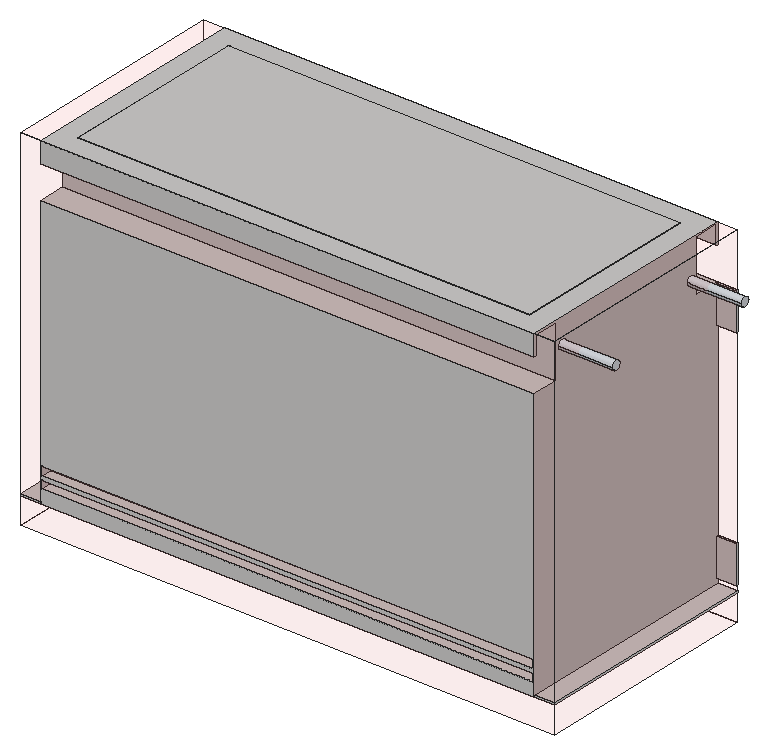
Revit family "Air-Curtain_Industrial_PoweredAire_HotWater", category Mechanical Equipment, host Face, Revit 2023
Family settings
  Host = Face
  Round Connector Dimension = Use Diameter
  Part Type = Normal
  OmniClass Number = 23.75.35.17.21
  OmniClass Title = Air Curtains
  Cut with Voids When Loaded = No
  Maintain Annotation Orientation = No
  Shared = No
  Room Calculation Point = No
Parameters
  upperrotation [instance] = if(Upper Pipe Connection Side A, 0.00°, 180.00°)  # 0.00°
  topbracket [instance] = and(Unit Height = 1' 4 3/4", Unit Depth = 1' 11 3/4")  # yes
  lowerrotation [instance] = if(Lower Pipe Connection Side A, 0.00°, 180.00°)  # 0.00°
  locateupperpipe [instance] = if(Upper Pipe Connection Side A, 0' 0", Nozzle Width)  # 0' - 0"
  locatelowerpipe [instance] = if(Lower Pipe Connection Side A, 0' 0", Nozzle Width)  # 0' - 0"
  Warranty Duration (Years) = 0
  Upper Pipe Connection Side A [instance] = yes
  Unit Width Notes = "Other Widths available."  # constant formula
  Unit Width = 3' - 3"
  Unit Weight = 0
  Unit Height = 1' - 4 3/4"
  Unit Depth = 1' - 11 3/4"
  URL = "http://www.poweredaire.com/"
  Test Data = ""
  Standards Conformance = "as Specified"
  Specification = "http://www.arcat.com/sdspecs/htm04/23_34_33pai.htm"
  SpecWizard = ""
  Sound Pressure = "as Specified"
  Sales Information = "http://www.poweredaire.com/contact_us"
  Revision = "R1_2016-08"
  Projection from Host [instance] = 0' - 2"
  Product Properties = ""
  Product Data = "http://www.arcat.com/arcatcos/cos47/arc47623.html"
  Power Rating = 0 W
  Piping_Water Flow [instance] = 0 GPM
  Piping_Operating Pressure [instance] = 0.00 psi
  Piping_Exit Temperature [instance] = 0 °F
  Piping_Entry Temperature [instance] = 0 °F
  Pipe OD [instance] = 5/8"
  Nozzle Width = if(1 = 1, Unit Width - 0' 3", 0' 0")  # 3' - 0"
  Mounting Width = if(1 = 1, Unit Width - 0' 1 1/2", 0' 0")  # 3' - 1 1/2"
  Mounting Height [instance] = 3' - 6"
  Motor RPM = 0
  Motor HP = 0
  Motor Count = 0
  Model = "As Specified"
  Max Height = 0' - 0"
  Manufacturer Website = "http://www.poweredaire.com/"
  Manufacturer Phone - Toll Free = "888-321-2473"
  Manufacturer Phone = "724-588-3305"
  Manufacturer Fax = "724-588-3371"
  Manufacturer Address = "109 Mortensen Rd.  Greenville, PA 16125"
  Manufacturer = "Powered Aire, Inc"
  Maintenance Schedule (Months) = 0
  Lower Pipe Connection Side A [instance] = yes
  Keynote = "23 34 33"
  Installation-Fabrication = ""
  Installation Phase = ""
  Include Clearance [instance] = yes
  Heating Element Load = 0 W
  HVAC_Temperature Rise = 0 °F
  HVAC_Outlet Volume = 0 CFM
  HVAC_Outlet Velocity Uniformity = 0
  HVAC_Outlet Velocity = 0 FPM
  HVAC_BTU Input = 0.0 Btu/h
  Green Building-LEED = "http://www.arcat.com/green/clients/leed_data_47623.html"
  Front Grating Material [instance] = Metal - Steel - PoweredAire - Stainless 304 Perforated
  Frame Finish [instance] = Metal - Steel - PoweredAire - Stainless 304
  Expected Lifespan (Years) = 0
  Electrical_Wattage [instance] = Power Rating + Heating Element Load  # 0 W
  Electrical_Voltage [instance] = 0 V
  Electrical_Phase [instance] = 1
  Electrical_Frequency [instance] = 0 Hz
  Electrical_Amperage [instance] = 0 A
  Drawn By = "Sumex Design, Inc. / Robert S. Weygant, CSI, CDT, SCIP"
  Description = "Powered Aire Air Curtain as Specified"
  Default Elevation = 0' - 0"  # constant formula
  Copyright = "©Arcat Inc."
  Construction Details = "http://www.arcat.com/details/powair/prod3336.html"
  Clearance_Top [instance] = 0' - 0"
  Clearance_Side B [instance] = 0' - 0"
  Clearance_Side A [instance] = 0' - 0"
  Clearance_Intake [instance] = 0' - 0"
  Clearance_Bottom [instance] = 0' - 0"
  Clearance Material [instance] = ARCAT Clearance
  Building Codes = ""
  Available Options [instance] = "as Specified"
  Assembly Code = "D3090400"
Reference planes (in)
  plane 1 "Center (Elevation)": y = 0.13818
  plane 2: z = 0
  plane 3 "Center (Left/Right)": x = 0
  plane 4: y = 8.51318
  plane 5: y = -8.23682
  plane 6: x = -19.5
  plane 7: x = 19.5
  plane 8: z = 25.75
  plane 9 "FF": y = -41.86182
  plane 10: z = 2
  plane 11: x = 18
  plane 12: x = -18
  plane 13: y = 8.51318
  plane 14: y = -8.23682
  plane 15: x = -19.5
  plane 16: x = 19.5
  plane 17: z = 25.75
  plane 18: x = 17.9375
  plane 19: x = -17.9375
  plane 20: x = 18
  plane 21: x = 18
  plane 22: y = 6.01318
  plane 23: y = -5.73682
Forms (in)
  Extrusion 1, solid, material "Metal - Steel - PoweredAire - Stainless 304" <- "Frame Finish"
    sketch origin (0, 0, 0) x (0, 1, 0) y (0, 0, 1)
      loop
        line (-8.23682, 2) -> (8.51318, 2) -> (8.51318, 21.8125) -> (6.51318, 21.8125) -> (6.51318, 25.625) -> (8.38818, 25.625) -> (8.38818, 24.25) -> (8.51318, 24.25) -> (8.51318, 25.75) -> (-8.23682, 25.75) -> (-8.23682, 24.25) -> (-8.11182, 24.25) -> (-8.11182, 25.625) -> (-6.23682, 25.625) -> (-6.23682, 21.8125) -> (-8.23682, 21.8125) -> (-8.23682, 2)
    from -18 to 18
  Extrusion 2, solid, material "ARCAT Clearance" <- "Clearance Material", visible <- "Include Clearance"
    sketch origin (0, 0, 0) x (0, 1, 0) y (0, 0, 1)
      loop
        line (-8.23682, 25.75) -> (-8.23682, 0) -> (8.51318, 0) -> (8.51318, 25.75) -> (-8.23682, 25.75)
    from -19.5 to 19.5
  Extrusion 3, solid, material "Metal - Steel - PoweredAire - Stainless 304" <- "Frame Finish"
    sketch origin (-15.17702, -180, 2) x (-1, 0, 0) y (0, -1, 0)
      loop
        line (-33.17702, -188.51318) -> (-33.17702, -171.76318) -> (-34.67702, -171.76318) -> (-34.67702, -188.51318) -> (-33.17702, -188.51318)
      loop
        line (2.82298, -188.51318) -> (4.32298, -188.51318) -> (4.32298, -171.76318) -> (2.82298, -171.76318) -> (2.82298, -188.51318)
    from 0 to 0.125
  Extrusion 4, solid, material "Metal - Steel - PoweredAire - Stainless 304" <- "Frame Finish", visible <- "topbracket"
    sketch origin (-11.83813, 8.51318, 48) x (-1, 0, 0) y (0, 0, 1)
      loop
        line (-29.83813, -45.5) -> (-29.83813, -42.75) -> (-31.33813, -42.75) -> (-31.33813, -45.5) -> (-29.83813, -45.5)
      loop
        line (-29.83813, -28.9375) -> (-29.83813, -26.1875) -> (-31.33813, -26.1875) -> (-31.33813, -28.9375) -> (-29.83813, -28.9375)
      loop
        line (6.16187, -45.5) -> (7.66187, -45.5) -> (7.66187, -42.75) -> (6.16187, -42.75) -> (6.16187, -45.5)
      loop
        line (6.16187, -28.9375) -> (7.66187, -28.9375) -> (7.66187, -26.1875) -> (6.16187, -26.1875) -> (6.16187, -28.9375)
    from 0 to -0.125
  Extrusion 5, void
    sketch origin (0, 0, 0) x (0, 1, 0) y (0, 0, 1)
      loop
        line (-8.23682, 3) -> (-7.23682, 3) -> (-7.23682, 4.5) -> (-8.23682, 4.5) -> (-8.23682, 3.82425) -> (-7.38364, 3.82425) -> (-7.38364, 3.57425) -> (-8.23682, 3.57425) -> (-8.23682, 3)
    from -17.9375 to 17.9375
  Extrusion 6, solid, material "Metal - Steel - PoweredAire - Stainless 304 Perforated" <- "Front Grating Material"
    sketch origin (0, -8.23682, 25.75) x (0, 1, 0) y (-1, 0, 0)
      loop
        line (15.25, 16.5) -> (1.5, 16.5) -> (1.5, -16.5) -> (15.25, -16.5) -> (15.25, 16.5)
    from 0 to 0.03125
  Sweep 7, solid
    path origin (18, 6.01318, 0) x (1, 0, 0) y (0, 1, 0)
      loop
        line (0, 0) -> (4, 0)
    profile origin (20, 6.01318, 0) x (0, 1, 0) y (0, 0, 1)
      loop
        circle (0, 23) r 0.3125
  Sweep 8, solid
    path origin (18, -5.73682, 0) x (1, 0, 0) y (0, 1, 0)
      loop
        line (0, 0) -> (4, 0)
    profile origin (20, -5.73682, 0) x (0, 1, 0) y (0, 0, 1)
      loop
        circle (0, 24) r 0.3125
Cuts and joins
  Extrusion 5 cuts Extrusion 1
Lines and regions (in)
  reference lines
    curve 1: line (18, 6.01318, 0) -> (22.75, 6.01318, 0)
    curve 2: line (18, -5.73682, 0) -> (23.75, -5.73682, 0)
Dimensions and locks (in)
  equal spacing: plane 4, plane 1 "Center (Elevation)", plane 5
  "Unit Height": plane 4 to plane 5
  equal spacing: plane 6, plane 3 "Center (Left/Right)", plane 7
  "Unit Width": plane 6 to plane 7
  "Mounting Height": plane 1 "Center (Elevation)" to plane 9 "FF"
  "Projection from Host": plane 10 to level
  "Unit Depth": plane 8 to plane 10
  locked: plane 6 to plane 12 at 1.5
  locked: plane 11 to plane 7 at 1.5
  "Clearance_Side A": plane 7 to plane 16
  "Clearance_Side B": plane 15 to plane 6
  "Clearance_Top": plane 13 to plane 4
  "Clearance_Bottom": plane 5 to plane 14
  "Clearance_Intake": plane 17 to plane 8
  plane 5 to Extrusion 1 sketch curve to Extrusion 1 sketch curve = 0' - 0 1/8" locked, 0' - 1 7/8" locked
  Extrusion 1 sketch curve to Extrusion 1 sketch curve to plane 4 = 0' - 1 7/8" locked, 0' - 0 1/8" locked
  Extrusion 4 sketch curve to Extrusion 4 sketch curve to Extrusion 4 sketch curve to Extrusion 4 sketch curve to plane 10 = 0' - 2 3/4" locked, 1' - 1 13/16" locked, 0' - 2 3/4" locked, 0' - 0 1/2" locked
  Extrusion 4 sketch curve to Extrusion 4 sketch curve to Extrusion 4 sketch curve to Extrusion 4 sketch curve = 0' - 2 3/4" locked, 1' - 1 13/16" locked, 0' - 2 3/4" locked
  locked: Extrusion 4 sketch curve to plane 10 at 0.5
  plane 8 to Extrusion 1 sketch curve to Extrusion 1 sketch curve = 0' - 0 1/8" locked, 0' - 1 3/8" locked  (x2)
  locked: Extrusion 1 sketch curve to plane 10 at 19.8125  (x2)
  Extrusion 5 sketch curve to Extrusion 5 sketch curve to Extrusion 5 sketch curve to Extrusion 5 sketch curve to plane 10 = 0' - 0.67575" locked, 0' - 0 1/4" locked, 0' - 0.57425" locked, 0' - 1" locked
  plane 5 to Extrusion 5 sketch curve to Extrusion 5 sketch curve = 0' - 0.85319" locked, 0' - 0.14681" locked
  locked: plane 19 to plane 12 at 0.0625
  locked: plane 11 to plane 18 at 0.0625
  locked: plane 4 to Extrusion 6 sketch curve at 1.5
  locked: Extrusion 6 sketch curve to plane 5 at 1.5
  locked: Extrusion 6 sketch curve to plane 11 at 1.5
  locked: plane 12 to Extrusion 6 sketch curve at 1.5
  "locateupperpipe": plane 20 to plane 11
  "locatelowerpipe": plane 21 to plane 11
  locked: plane 4 to plane 22 at 2.5
  locked: plane 23 to plane 5 at 2.5
  locked: curve 1 to Sweep 7 sketch curve at 4
  locked: curve 1 to Sweep 7 sketch curve
  locked: Sweep 7 sketch curve to plane 10 at 21
  locked: curve 2 to Sweep 8 sketch curve at 4
  locked: curve 2 to Sweep 8 sketch curve
  locked: Sweep 8 sketch curve to plane 10 at 22
  "upperrotation": angle plane 22 to curve 1
  "lowerrotation": angle plane 23 to curve 2
  aligned and locked: plane 2 to host face
  aligned and locked: level to host face
  aligned and locked: Extrusion 2 sketch curve to plane 17
  aligned and locked: plane 14 to Extrusion 2 sketch curve
  aligned and locked: level to Extrusion 2 sketch curve
  aligned and locked: Extrusion 2 sketch curve to plane 13
  aligned and locked: plane 16 to Extrusion 2
  aligned and locked: Extrusion 2 to plane 15
  aligned and locked: plane 11 to Extrusion 1
  aligned and locked: Extrusion 1 to plane 12
  aligned and locked: plane 21 to curve 2
  aligned and locked: plane 23 to curve 2
  aligned and locked: plane 22 to curve 1
  aligned and locked: plane 20 to curve 1
Automatic sketch dimensions
  host sketch curve to host sketch curve = 8' - 0"  (x2)
  Extrusion 1 sketch curve to plane 5 = 0' - 0"  (x2)
  Extrusion 1 sketch curve to plane 4 = 0' - 0"  (x2)
  Extrusion 1 sketch curve to plane 10 = 0' - 0"
  Extrusion 1 sketch curve to plane 8 = 0' - 0"
  plane 4 to Extrusion 3 sketch curve = 0' - 0"
  Extrusion 3 sketch curve to plane 7 = 0' - 0"
  plane 5 to Extrusion 3 sketch curve = 0' - 0"
  Extrusion 3 sketch curve to plane 11 = 0' - 0"
  Extrusion 3 sketch curve to plane 4 = 0' - 0"
  Extrusion 3 sketch curve to plane 12 = 0' - 0"
  Extrusion 3 sketch curve to plane 6 = 0' - 0"
  Extrusion 3 sketch curve to plane 5 = 0' - 0"
  Extrusion 4 sketch curve to plane 7 = 0' - 0"  (x2)
  Extrusion 4 sketch curve to plane 11 = 0' - 0"  (x2)
  Extrusion 4 sketch curve to plane 12 = 0' - 0"  (x2)
  Extrusion 4 sketch curve to plane 6 = 0' - 0"  (x2)
  Extrusion 5 sketch curve to plane 5 = 0' - 0"  (x2)
  Sweep 7 sketch curve to profile plane = 0' - 0"
  Sweep 8 sketch curve to profile plane = 0' - 0"
  radius of Sweep 7 sketch curve = 0' - 0 5/16"
  radius of Sweep 8 sketch curve = 0' - 0 5/16"
Connectors (in)
  piping at (22, 6.01318, 23), diameter 0.625, driven by "Pipe OD", driven by "Piping_Water Flow"
    settings: on Sweep 7, index 1, connector inside diameter 24", connector length 0' - 0", flow factor 0, pipe flow 0 GPM, pressure drop 0.00 psi, fitting loss kfactor 0, connector angle 0.00°, fixture units 0, engagement length 0' - 0", angle of deflection 0.00°, flow configuration 0, flow direction 0, fitting loss method 0, system type 29, joint type 0, gender type 0, connector reference index -1, connector utility 0, adjustable connector no, is connector primary yes, connector description "Define Supply or Return and Location"
  piping at (22, -5.73682, 24), diameter 0.625, driven by "Pipe OD", driven by "Piping_Water Flow"
    settings: on Sweep 8, index 2, connector inside diameter 24", connector length 0' - 0", flow factor 0, pipe flow 0 GPM, pressure drop 0.00 psi, fitting loss kfactor 0, connector angle 0.00°, fixture units 0, engagement length 0' - 0", angle of deflection 0.00°, flow configuration 0, flow direction 0, fitting loss method 0, system type 29, joint type 0, gender type 0, connector reference index -1, connector utility 0, adjustable connector no, is connector primary no, connector description "Define Supply or Return and Location"
  electrical at (-18, 0.13818, 21.39062), driven by "Electrical_Voltage", driven by "Electrical_Phase"
    settings: on cut or joined group of Extrusion 1, Extrusion 5, index 3, voltage 0 V, apparent load 0 VA, apparent load phase1 0 VA, apparent load phase2 0 VA, apparent load phase3 0 VA, power factor 1, load classification "Motor", number of poles 1, system type 31, power factor state 1, is connector primary yes, connector utility no, sub classification motor no, connector description ""
